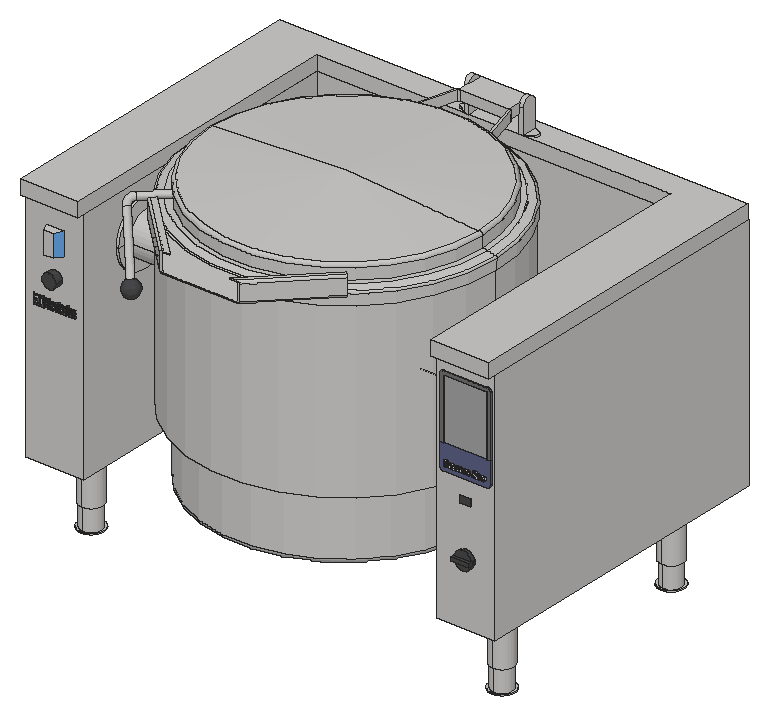
Revit family "QF_ELECTROLUXPROFESSIONAL_587160_PBOT15RCIO", category Attrezzature speciali, Revit 2020 (continued)
Definition of nested family "QF_ELECTROLUXPROFESSIONAL_PBOT900_LEFT"
  Automatic sketch dimensions
    Extrusion 5 sketch curve to Extrusion 5 sketch curve = 2.771 mm
    Extrusion 5 sketch curve to Extrusion 5 sketch curve = 1.497 mm
    Extrusion 5 sketch curve to Extrusion 5 sketch curve = 1.979 mm
    Extrusion 5 sketch curve to Extrusion 5 sketch curve = 1.653 mm
    Extrusion 5 sketch curve to Extrusion 5 sketch curve = 0.085 mm
    Extrusion 5 sketch curve to Extrusion 5 sketch curve = 0.315 mm
    Extrusion 5 sketch curve to Extrusion 5 sketch curve = 3.811 mm
    Extrusion 5 sketch curve to Extrusion 5 sketch curve = 2.136 mm  (x2)
    Extrusion 5 sketch curve to Extrusion 5 sketch curve = 2.352 mm  (x2)
    Extrusion 5 sketch curve to plane 10 "TOP" = 289.122 mm
    Extrusion 5 sketch curve to Extrusion 5 sketch curve = 3.797 mm
    Extrusion 5 sketch curve to plane 10 "TOP" = 296.104 mm
    Extrusion 5 sketch curve to Extrusion 5 sketch curve = 1.528 mm
    Extrusion 5 sketch curve to plane 10 "TOP" = 290.598 mm
    Extrusion 5 sketch curve to Extrusion 5 sketch curve = 1.476 mm
    Extrusion 5 sketch curve to plane 10 "TOP" = 294.635 mm
    Extrusion 5 sketch curve to Extrusion 5 sketch curve = 1.469 mm
    Extrusion 5 sketch curve to Extrusion 5 sketch curve = 3.728 mm
    Extrusion 5 sketch curve to Extrusion 5 sketch curve = 0.046 mm
    Extrusion 5 sketch curve to Extrusion 5 sketch curve = 0.177 mm
    Extrusion 5 sketch curve to Extrusion 5 sketch curve = 0.947 mm
    Extrusion 5 sketch curve to Extrusion 5 sketch curve = 0.308 mm
    Extrusion 5 sketch curve to Extrusion 5 sketch curve = 0.091 mm
    Extrusion 5 sketch curve to Extrusion 5 sketch curve = 2.375 mm
    Extrusion 5 sketch curve to Extrusion 5 sketch curve = 0.94 mm
    Extrusion 5 sketch curve to Extrusion 5 sketch curve = 0.54 mm
    Extrusion 5 sketch curve to Extrusion 5 sketch curve = 0.102 mm
    Extrusion 5 sketch curve to Extrusion 5 sketch curve = 0.002 mm  (x4)
    Extrusion 5 sketch curve to Extrusion 5 sketch curve = 0.105 mm
    Extrusion 5 sketch curve to Extrusion 5 sketch curve = 0.097 mm
    Extrusion 5 sketch curve to Extrusion 5 sketch curve = 3.982 mm
    Extrusion 5 sketch curve to Extrusion 5 sketch curve = 0.17 mm
    Extrusion 5 sketch curve to Extrusion 5 sketch curve = 6.49 mm
    Extrusion 5 sketch curve to Extrusion 5 sketch curve = 1.777 mm
    Extrusion 5 sketch curve to plane 10 "TOP" = 296.072 mm
    Extrusion 5 sketch curve to Extrusion 5 sketch curve = 0.63 mm
    Extrusion 5 sketch curve to Extrusion 5 sketch curve = 1.001 mm
    Extrusion 5 sketch curve to plane 10 "TOP" = 294.678 mm
    Extrusion 5 sketch curve to Extrusion 5 sketch curve = 1.393 mm
    Extrusion 5 sketch curve to Extrusion 5 sketch curve = 2.363 mm
    Extrusion 5 sketch curve to Extrusion 5 sketch curve = 2.253 mm
    Extrusion 5 sketch curve to Extrusion 5 sketch curve = 0.014 mm  (x4)
    Extrusion 5 sketch curve to Extrusion 5 sketch curve = 0.172 mm
    Extrusion 5 sketch curve to Extrusion 5 sketch curve = 0.096 mm
    Extrusion 5 sketch curve to Extrusion 5 sketch curve = 0.164 mm
    Extrusion 5 sketch curve to Extrusion 5 sketch curve = 0.298 mm
    Extrusion 5 sketch curve to Extrusion 5 sketch curve = 0.247 mm
    Extrusion 5 sketch curve to Extrusion 5 sketch curve = 0.084 mm
    Extrusion 5 sketch curve to Extrusion 5 sketch curve = 6.484 mm
    Extrusion 5 sketch curve to Extrusion 5 sketch curve = 2.596 mm
    Extrusion 5 sketch curve to Extrusion 5 sketch curve = 0.059 mm  (x2)
    Extrusion 5 sketch curve to Extrusion 5 sketch curve = 3.889 mm
    Extrusion 5 sketch curve to plane 10 "TOP" = 307.979 mm
    Extrusion 5 sketch curve to Extrusion 5 sketch curve = 6.029 mm
    Extrusion 5 sketch curve to plane 10 "TOP" = 305.988 mm
    Extrusion 5 sketch curve to Extrusion 5 sketch curve = 0.929 mm
    Extrusion 5 sketch curve to Extrusion 5 sketch curve = 1.102 mm
    Extrusion 5 sketch curve to Extrusion 5 sketch curve = 0.756 mm  (x2)
    Extrusion 5 sketch curve to plane 10 "TOP" = 306.353 mm
    Extrusion 5 sketch curve to Extrusion 5 sketch curve = 0.852 mm
    Extrusion 5 sketch curve to Extrusion 5 sketch curve = 0.108 mm
    Extrusion 5 sketch curve to Extrusion 5 sketch curve = 0.101 mm
    Extrusion 5 sketch curve to Extrusion 5 sketch curve = 0.072 mm
    Extrusion 5 sketch curve to Extrusion 5 sketch curve = 1.67 mm
    Extrusion 5 sketch curve to Extrusion 5 sketch curve = 1.834 mm
    Extrusion 5 sketch curve to Extrusion 5 sketch curve = 0.366 mm
    Extrusion 5 sketch curve to Extrusion 5 sketch curve = 0.993 mm
    Extrusion 5 sketch curve to Extrusion 5 sketch curve = 0.81 mm
    Extrusion 5 sketch curve to Extrusion 5 sketch curve = 1.026 mm  (x2)
    Extrusion 5 sketch curve to Extrusion 5 sketch curve = 4.272 mm
    Extrusion 5 sketch curve to Extrusion 5 sketch curve = 0.163 mm
    Extrusion 5 sketch curve to Extrusion 5 sketch curve = 0.551 mm
    Extrusion 5 sketch curve to Extrusion 5 sketch curve = 6.11 mm
    Extrusion 5 sketch curve to Extrusion 5 sketch curve = 1.451 mm
    Extrusion 5 sketch curve to Extrusion 5 sketch curve = 5.217 mm
    Extrusion 5 sketch curve to Extrusion 5 sketch curve = 0.045 mm  (x2)
    Extrusion 5 sketch curve to Extrusion 5 sketch curve = 0.241 mm
    Extrusion 5 sketch curve to Extrusion 5 sketch curve = 0.039 mm
    Extrusion 5 sketch curve to Extrusion 5 sketch curve = 1.134 mm
    Extrusion 5 sketch curve to Extrusion 5 sketch curve = 2.351 mm
    Extrusion 5 sketch curve to Extrusion 5 sketch curve = 3.993 mm
    Extrusion 5 sketch curve to Extrusion 5 sketch curve = 10.128 mm
    Extrusion 5 sketch curve to Extrusion 5 sketch curve = 0.956 mm
    Extrusion 5 sketch curve to Extrusion 5 sketch curve = 1.263 mm
    Extrusion 5 sketch curve to Extrusion 5 sketch curve = 2.577 mm
    Extrusion 5 sketch curve to Extrusion 5 sketch curve = 0.243 mm
    Extrusion 5 sketch curve to Extrusion 5 sketch curve = 0.031 mm
    Extrusion 5 sketch curve to Extrusion 5 sketch curve = 7.148 mm
    Extrusion 5 sketch curve to Extrusion 5 sketch curve = 1.502 mm
    Extrusion 5 sketch curve to Extrusion 5 sketch curve = 11.54 mm
    Extrusion 5 sketch curve to Extrusion 5 sketch curve = 11.758 mm
    Extrusion 5 sketch curve to Extrusion 5 sketch curve = 4.097 mm
    Extrusion 5 sketch curve to Extrusion 5 sketch curve = 0.011 mm
    Extrusion 5 sketch curve to Extrusion 5 sketch curve = 4.488 mm
    Extrusion 5 sketch curve to Extrusion 5 sketch curve = 11.908 mm
    Extrusion 5 sketch curve to Extrusion 5 sketch curve = 2.236 mm
    Extrusion 5 sketch curve to Extrusion 5 sketch curve = 0.22 mm
    Extrusion 5 sketch curve to Extrusion 5 sketch curve = 0.319 mm
    Extrusion 5 sketch curve to Extrusion 5 sketch curve = 1.192 mm
    Extrusion 5 sketch curve to Extrusion 5 sketch curve = 3.577 mm  (x2)
    Extrusion 5 sketch curve to Extrusion 5 sketch curve = 3.444 mm  (x2)
    Extrusion 5 sketch curve to Extrusion 5 sketch curve = 1.626 mm  (x2)
    Extrusion 5 sketch curve to Extrusion 5 sketch curve = 2.021 mm
    Extrusion 5 sketch curve to Extrusion 5 sketch curve = 2.967 mm
    Extrusion 5 sketch curve to Extrusion 5 sketch curve = 1.22 mm
    Extrusion 5 sketch curve to Extrusion 5 sketch curve = 3.412 mm
    Extrusion 5 sketch curve to Extrusion 5 sketch curve = 0.892 mm  (x3)
    Extrusion 5 sketch curve to Extrusion 5 sketch curve = 0.58 mm  (x2)
    Extrusion 5 sketch curve to Extrusion 5 sketch curve = 2.117 mm
    Extrusion 5 sketch curve to Extrusion 5 sketch curve = 0.295 mm  (x2)
    Extrusion 5 sketch curve to Extrusion 5 sketch curve = 0.618 mm
    Extrusion 5 sketch curve to Extrusion 5 sketch curve = 1.65 mm
    Extrusion 5 sketch curve to Extrusion 5 sketch curve = 1.662 mm
    Extrusion 5 sketch curve to Extrusion 5 sketch curve = 0.013 mm  (x2)
    Extrusion 5 sketch curve to Extrusion 5 sketch curve = 0.292 mm
    Extrusion 5 sketch curve to Extrusion 5 sketch curve = 0.107 mm  (x2)
    Extrusion 5 sketch curve to Extrusion 5 sketch curve = 0.068 mm  (x2)
    Extrusion 5 sketch curve to Extrusion 5 sketch curve = 2.361 mm
    Extrusion 5 sketch curve to Extrusion 5 sketch curve = 2.359 mm
    Extrusion 5 sketch curve to Extrusion 5 sketch curve = 0.531 mm  (x2)
    Extrusion 5 sketch curve to Extrusion 5 sketch curve = 0.928 mm  (x2)
    Extrusion 5 sketch curve to Extrusion 5 sketch curve = 1.058 mm
    Extrusion 5 sketch curve to Extrusion 5 sketch curve = 0.297 mm  (x2)
    Extrusion 5 sketch curve to Extrusion 5 sketch curve = 0.155 mm  (x2)
    Extrusion 5 sketch curve to Extrusion 5 sketch curve = 0.182 mm  (x2)
    Extrusion 5 sketch curve to Extrusion 5 sketch curve = 0.607 mm  (x2)
    Extrusion 5 sketch curve to Extrusion 5 sketch curve = 0.372 mm  (x2)
    Extrusion 5 sketch curve to Extrusion 5 sketch curve = 0.016 mm  (x2)
    Extrusion 5 sketch curve to Extrusion 5 sketch curve = 0.996 mm
    Extrusion 5 sketch curve to Extrusion 5 sketch curve = 0.93 mm
    Extrusion 5 sketch curve to Extrusion 5 sketch curve = 0.709 mm  (x2)
    Extrusion 5 sketch curve to Extrusion 5 sketch curve = 1.017 mm
    Extrusion 5 sketch curve to Extrusion 5 sketch curve = 4.718 mm
    Extrusion 5 sketch curve to Extrusion 5 sketch curve = 0.891 mm
    Extrusion 5 sketch curve to Extrusion 5 sketch curve = 3.826 mm
    Extrusion 5 sketch curve to Extrusion 5 sketch curve = 0.954 mm
    Extrusion 5 sketch curve to Extrusion 5 sketch curve = 5.576 mm
    Extrusion 5 sketch curve to Extrusion 5 sketch curve = 5.661 mm  (x2)
    Extrusion 5 sketch curve to Extrusion 5 sketch curve = 0.006 mm
    Extrusion 5 sketch curve to Extrusion 5 sketch curve = 2.203 mm
    Extrusion 5 sketch curve to Extrusion 5 sketch curve = 2.21 mm
    Extrusion 5 sketch curve to Extrusion 5 sketch curve = 1.607 mm
    Extrusion 5 sketch curve to Extrusion 5 sketch curve = 3.92 mm
    Extrusion 5 sketch curve to Extrusion 5 sketch curve = 0.05 mm
    Extrusion 5 sketch curve to Extrusion 5 sketch curve = 1.776 mm
    Extrusion 5 sketch curve to Extrusion 5 sketch curve = 4.017 mm
    Extrusion 5 sketch curve to Extrusion 5 sketch curve = 0.196 mm  (x2)
    Extrusion 5 sketch curve to Extrusion 5 sketch curve = 0.19 mm
    Extrusion 5 sketch curve to Extrusion 5 sketch curve = 1.312 mm
    Extrusion 5 sketch curve to Extrusion 5 sketch curve = 0.146 mm
    Extrusion 5 sketch curve to Extrusion 5 sketch curve = 2.831 mm
    Extrusion 5 sketch curve to Extrusion 5 sketch curve = 0.387 mm
    Extrusion 5 sketch curve to Extrusion 5 sketch curve = 0.174 mm
    Extrusion 5 sketch curve to Extrusion 5 sketch curve = 4.623 mm
    Extrusion 5 sketch curve to Extrusion 5 sketch curve = 1.754 mm
    Extrusion 5 sketch curve to Extrusion 5 sketch curve = 0.188 mm
    Extrusion 5 sketch curve to Extrusion 5 sketch curve = 0.02 mm
    Extrusion 5 sketch curve to Extrusion 5 sketch curve = 0.313 mm
    Extrusion 5 sketch curve to Extrusion 5 sketch curve = 0.12 mm
    Extrusion 5 sketch curve to Extrusion 5 sketch curve = 0.062 mm
    Extrusion 5 sketch curve to Extrusion 5 sketch curve = 0.568 mm
    Extrusion 5 sketch curve to Extrusion 5 sketch curve = 0.095 mm
    Extrusion 5 sketch curve to Extrusion 5 sketch curve = 0.357 mm
    Extrusion 5 sketch curve to Extrusion 5 sketch curve = 0.008 mm
    Extrusion 5 sketch curve to Extrusion 5 sketch curve = 0.36 mm
    Extrusion 5 sketch curve to Extrusion 5 sketch curve = 3.784 mm
    Extrusion 5 sketch curve to Extrusion 5 sketch curve = 1.654 mm
    Extrusion 5 sketch curve to Extrusion 5 sketch curve = 1.454 mm
    Extrusion 5 sketch curve to Extrusion 5 sketch curve = 3.429 mm
    Extrusion 5 sketch curve to Extrusion 5 sketch curve = 1.094 mm
    Extrusion 5 sketch curve to Extrusion 5 sketch curve = 2.218 mm
    Extrusion 5 sketch curve to Extrusion 5 sketch curve = 1.404 mm
    Extrusion 5 sketch curve to Extrusion 5 sketch curve = 5.959 mm
    Extrusion 5 sketch curve to Extrusion 5 sketch curve = 1.424 mm
    Extrusion 5 sketch curve to Extrusion 5 sketch curve = 3.23 mm
    Extrusion 5 sketch curve to Extrusion 5 sketch curve = 1.975 mm
    Extrusion 5 sketch curve to Extrusion 5 sketch curve = 3.779 mm
    Extrusion 5 sketch curve to Extrusion 5 sketch curve = 2.212 mm
    Extrusion 5 sketch curve to Extrusion 5 sketch curve = 3.78 mm
    Extrusion 5 sketch curve to Extrusion 5 sketch curve = 1.279 mm
    Extrusion 5 sketch curve to Extrusion 5 sketch curve = 1.343 mm  (x2)
    Extrusion 5 sketch curve to Extrusion 5 sketch curve = 1.353 mm  (x2)
    Extrusion 5 sketch curve to Extrusion 5 sketch curve = 0.027 mm  (x2)
    Extrusion 5 sketch curve to Extrusion 5 sketch curve = 0.395 mm  (x2)
    Extrusion 5 sketch curve to Extrusion 5 sketch curve = 0.329 mm  (x2)
    Extrusion 5 sketch curve to Extrusion 5 sketch curve = 0.425 mm  (x2)
    Extrusion 5 sketch curve to Extrusion 5 sketch curve = 0.051 mm  (x2)
    Extrusion 5 sketch curve to Extrusion 5 sketch curve = 0.495 mm  (x2)
    Extrusion 5 sketch curve to Extrusion 5 sketch curve = 0.267 mm  (x2)
    Extrusion 5 sketch curve to Extrusion 5 sketch curve = 1.4 mm
    Extrusion 5 sketch curve to Extrusion 5 sketch curve = 5.233 mm
    Extrusion 5 sketch curve to Extrusion 5 sketch curve = 2.062 mm
    Extrusion 6 sketch curve to plane 13 "HW_CW" = 0.0 mm  (x2)
    Extrusion 6 sketch curve to plane 15 = 0.0 mm
    Extrusion 6 sketch curve to plane 14 = 0.0 mm
    radius of Extrusion 2 sketch curve = 20.0 mm
    radius of Extrusion 3 sketch curve = 6.35 mm  (x2)
    radius of Extrusion 5 sketch curve = 2.453 mm
    radius of Extrusion 5 sketch curve = 1.557 mm
    radius of Extrusion 5 sketch curve = 1.468 mm
    radius of Extrusion 5 sketch curve = 2.451 mm
    radius of Extrusion 6 sketch curve = 5.0 mm  (x2)
Definition of nested family "QF_ELECTROLUXPROFESSIONAL_PBOT900_RIGHT"
  Parameters
    Width = 160.0 mm
    Right = Width / 2  # 80.0 mm
    Default Elevation = 0.0 mm
    Left = -Width / 2  # -80.0 mm
    Htop = 40.0 mm
    Height = 900.0 mm
    HBase = 200.0 mm
    EI_z = 250.0 mm
    EI_y = 239.0 mm
    Depth = 900.0 mm
    BorderFront = 20.0 mm
    Body Finish [instance] = none
  Reference planes
    plane 1 "Center (Front/Back)": y = 0
    plane 2: z = 0
    plane 3 "Center (Left/Right)": x = 0
    plane 4 "LEFT": x = -80
    plane 5 "RIGHT": x = 80
    plane 6 "BACK": y = 450
    plane 7 "FRONT": y = -450
    plane 8 "Base": z = 200
    plane 9 "TOP": z = 900
    plane 10 "BorderFront": y = -430
    plane 11: z = 860
    plane 12 "EI": z = 450
    plane 13: y = 211
  Forms (mm)
    Extrusion 1, solid
      sketch origin (0, 0, 0) x (1, 0, 0) y (0, 1, 0)
        loop
          line (-80, 450) -> (-80, -430) -> (80, -430) -> (80, 450) -> (-80, 450)
      from 860 to 200
    Extrusion 2, solid
      sketch origin (0, -430, 0) x (-1, 0, 0) y (0, 0, 1)
        loop
          line (59.714, 823.989) -> (-61.821, 823.989)
          arc (-61.821, 823.989) -> (-68.892, 821.06) -> (-71.821, 813.989) r 10
          line (-71.821, 813.989) -> (-71.821, 644.744) -> (-61.821, 644.744) -> (-61.821, 813.989) -> (59.714, 813.989) -> (59.714, 644.744) -> (69.714, 644.744) -> (69.714, 813.989)
          arc (69.714, 813.989) -> (66.786, 821.06) -> (59.714, 823.989) r 10
      from 0 to -3
    Extrusion 3, solid
      sketch origin (0, -430, 0) x (-1, 0, 0) y (0, 0, 1)
        loop
          circle (0, 375.28) r 25
      from 0 to -10
    Extrusion 4, solid
      sketch origin (0, -430, 0) x (-1, 0, 0) y (0, 0, 1)
        loop
          line (24.382, 380.806) -> (-24.382, 380.806)
          arc (-24.382, 380.806) -> (-25, 375.28) -> (-24.382, 369.753) r 25
          line (-24.382, 369.753) -> (24.382, 369.753)
          arc (24.382, 369.753) -> (25, 375.28) -> (24.382, 380.806) r 25
      from 0 to -20
    Extrusion 5, solid
      sketch origin (0, -430, 0) x (-1, 0, 0) y (0, 0, 1)
        loop
          line (69.714, 585) -> (69.714, 644.744) -> (-71.821, 644.744) -> (-71.821, 585)
          arc (-71.821, 585) -> (-68.892, 577.929) -> (-61.821, 575) r 10
          line (-61.821, 575) -> (59.714, 575)
          arc (59.714, 575) -> (66.786, 577.929) -> (69.714, 585) r 10
      from -3 to 0
    Extrusion 6, solid
      sketch origin (234.714, -430, 0) x (-1, 0, 0) y (0, 0, 1)
        loop
          line (294.429, 813.989) -> (172.894, 813.989) -> (172.894, 644.744) -> (294.429, 644.744) -> (294.429, 813.989)
      from 0 to -3
    Extrusion 7, solid
      sketch origin (0, -430, 0) x (-1, 0, 0) y (0, 0, 1)
        loop
          line (15, 530) -> (-15, 530) -> (-15, 510) -> (15, 510) -> (15, 530)
      from -1.6 to 0
    Extrusion 8, solid
      sketch origin (0, 450, 0) x (-1, 0, 0) y (0, 0, 1)
        loop
          circle (0, 450) r 5
      from 0 to 2
    Extrusion 9, solid
      sketch origin (0, 0, 200) x (0, 1, 0) y (-1, 0, 0)
        loop
          circle (211, 0) r 10
      from 0 to -3
  Lines and regions (mm)
    symbolic lines
      curve 1: line (-80, 450, 0) -> (80, 450, 0)
      curve 2: line (80, 450, 0) -> (80, -430, 0)
  Dimensions and locks
    "Width": plane 4 "LEFT" to plane 5 "RIGHT"
    equal spacing: plane 4 "LEFT", plane 3 "Center (Left/Right)", plane 5 "RIGHT"
    equal spacing: plane 6 "BACK", plane 1 "Center (Front/Back)", plane 7 "FRONT"
    "Depth": plane 6 "BACK" to plane 7 "FRONT"
    "BorderFront": plane 10 "BorderFront" to plane 7 "FRONT"
    "Htop": plane 9 "TOP" to plane 11
    "Height": plane 9 "TOP" to level
    "HBase": plane 8 "Base" to level
    Extrusion 4 sketch curve to Extrusion 4 sketch curve = 11.053 mm
    "EI_y": plane 6 "BACK" to plane 13
    "EI_z": plane 12 "EI" to plane 8 "Base"
    aligned and locked: level to plane 2
    aligned and locked: plane 10 "BorderFront" to Extrusion 1 sketch curve
    aligned and locked: plane 11 to Extrusion 1
    aligned and locked: Extrusion 1 to plane 8 "Base"
    aligned and locked: plane 4 "LEFT" to Extrusion 1 sketch curve
    aligned and locked: Extrusion 1 sketch curve to plane 5 "RIGHT"
    aligned and locked: Extrusion 1 sketch curve to plane 6 "BACK"
  Automatic sketch dimensions
    Extrusion 3 sketch curve to plane 3 "Center (Left/Right)" = 0.0 mm
    plane 8 "Base" to Extrusion 3 sketch curve = 175.28 mm
    Extrusion 4 sketch curve to Extrusion 4 sketch curve = 0.0 mm  (x3)
    Extrusion 4 sketch curve to plane 3 "Center (Left/Right)" = 0.0 mm
    plane 3 "Center (Left/Right)" to Extrusion 4 sketch curve = 24.382 mm
    Extrusion 4 sketch curve to plane 3 "Center (Left/Right)" = 24.382 mm
    plane 8 "Base" to Extrusion 4 sketch curve = 169.753 mm
    Extrusion 2 sketch curve to plane 5 "RIGHT" = 8.179 mm
    Extrusion 2 sketch curve to Extrusion 2 sketch curve = 10.0 mm  (x2)
    Extrusion 2 sketch curve to Extrusion 2 sketch curve = 0.0 mm  (x4)
    plane 4 "LEFT" to Extrusion 2 sketch curve = 20.286 mm
    Extrusion 2 sketch curve to plane 11 = 215.256 mm
    Extrusion 2 sketch curve to plane 11 = 46.011 mm
    Extrusion 5 sketch curve to plane 5 "RIGHT" = 8.179 mm
    plane 4 "LEFT" to Extrusion 5 sketch curve = 20.286 mm
    plane 4 "LEFT" to Extrusion 5 sketch curve = 10.286 mm
    Extrusion 5 sketch curve to plane 11 = 285.0 mm
    Extrusion 5 sketch curve to Extrusion 5 sketch curve = 59.744 mm
    Extrusion 5 sketch curve to Extrusion 5 sketch curve = 10.0 mm
    plane 4 "LEFT" to Extrusion 6 sketch curve = 20.286 mm
    Extrusion 6 sketch curve to plane 11 = 46.011 mm
    Extrusion 6 sketch curve to plane 5 "RIGHT" = 18.179 mm
    Extrusion 6 sketch curve to Extrusion 6 sketch curve = 169.244 mm
    Extrusion 8 sketch curve to plane 3 "Center (Left/Right)" = 0.0 mm
    Extrusion 8 sketch curve to plane 12 "EI" = 0.0 mm
    curve 1 to plane 4 "LEFT" = 0.0 mm
    curve 1 to plane 5 "RIGHT" = 0.0 mm
    curve 2 to plane 10 "BorderFront" = 0.0 mm
    curve 1 to plane 6 "BACK" = 0.0 mm
    plane 3 "Center (Left/Right)" to Extrusion 7 sketch curve = 15.0 mm
    Extrusion 7 sketch curve to plane 3 "Center (Left/Right)" = 15.0 mm
    plane 12 "EI" to Extrusion 7 sketch curve = 60.0 mm
    Extrusion 7 sketch curve to Extrusion 7 sketch curve = 20.0 mm
    Extrusion 9 sketch curve to plane 3 "Center (Left/Right)" = 0.0 mm
    Extrusion 9 sketch curve to plane 13 = 0.0 mm
    radius of Extrusion 3 sketch curve = 25.0 mm
    radius of Extrusion 8 sketch curve = 5.0 mm
    radius of Extrusion 9 sketch curve = 10.0 mm
  Nested families
    nested 1: "ELX_ThermaLine" at (-0.906, -433, 593.675) x (1, 0, 0) z (0, -1, 0), type "ELX_ThermaLine"
      with Show Logo yes, Material_Logo none
  Definition of nested family "ELX_ThermaLine"
    Parameters
      Show Logo [instance] = yes
      Material_Logo [instance] = none
      Default Elevation = 0.0 mm
    Reference planes
      plane 1 "Centro (Fronte/Retro)": y = 0
      plane 2: z = 0
      plane 3 "Centro (Sinistra/Destra)": x = 0
    Forms (mm)
      Extrusion 1, solid
        sketch origin (0, 0, 0) x (1, 0, 0) y (0, 1, 0)
          loop
            line (-1219.2, 1219.2) -> (-1219.2, -1219.2) -> (1219.2, -1219.2) -> (1219.2, 1219.2) -> (-1219.2, 1219.2)
        from 0 to -304.8
      Extrusion 2, solid
        sketch origin (0, 0, 0) x (1, 0, 0) y (0, 1, 0)
          loop
            line (-52.84, 4.345) -> (-50.793, 4.345) -> (-50.793, 6.716) -> (-52.84, 6.716) -> (-52.84, 10.788) -> (-55.901, 9.058) -> (-55.901, 6.716) -> (-57.324, 6.716) -> (-57.324, 4.345) -> (-55.901, 4.345) -> (-55.901, -1.637)
            arc (-55.901, -1.637) -> (-54.76, -4.355) -> (-51.88, -4.985) r 3.198
            line (-51.88, -4.985) -> (-50.444, -4.597) -> (-50.782, -2.189) -> (-51.765, -2.453)
            arc (-51.765, -2.453) -> (-52.506, -2.305) -> (-52.84, -1.628) r 0.854
            line (-52.84, -1.628) -> (-52.84, 4.345)
          loop
            line (-48.642, 11.198) -> (-48.642, -4.787) -> (-45.561, -4.787) -> (-45.561, 2.659)
            arc (-45.561, 2.659) -> (-44.379, 4.372) -> (-42.304, 4.523) r 2.408
            arc (-42.304, 4.523) -> (-41.484, 3.75) -> (-41.182, 2.665) r 2.099
            line (-41.182, 2.665) -> (-41.182, -4.787) -> (-38.117, -4.787) -> (-38.088, 2.166)
            arc (-38.088, 2.166) -> (-38.343, 3.963) -> (-39.021, 5.646) r 7.517
            arc (-39.021, 5.646) -> (-42.369, 6.971) -> (-45.561, 5.303) r 4.327
            line (-45.561, 5.303) -> (-45.561, 11.198) -> (-48.642, 11.198)
          loop
            arc (-28.196, 1.988) -> (-28.834, 3.893) -> (-30.683, 4.679) r 2.449
            arc (-30.683, 4.679) -> (-32.149, 3.674) -> (-32.711, 1.988) r 2.793
            line (-32.711, 1.988) -> (-28.196, 1.988)
          loop
            arc (-25.128, 0.121) -> (-26.074, 4.342) -> (-29.545, 6.923) r 6.212
            arc (-29.545, 6.923) -> (-33.021, 6.358) -> (-35.352, 3.718) r 5.232
            arc (-35.352, 3.718) -> (-35.918, 1.148) -> (-35.633, -1.468) r 8.117
            arc (-35.633, -1.468) -> (-34.524, -3.319) -> (-32.789, -4.603) r 5.523
            arc (-32.789, -4.603) -> (-28.402, -4.744) -> (-25.297, -1.641) r 5.523
            line (-25.297, -1.641) -> (-28.327, -1.106)
            arc (-28.327, -1.106) -> (-29.324, -2.396) -> (-30.951, -2.501) r 1.982
            arc (-30.951, -2.501) -> (-32.276, -1.475) -> (-32.789, 0.121) r 2.835
            line (-32.789, 0.121) -> (-25.128, 0.121)
          loop
            line (-22.733, -4.787) -> (-19.705, -4.787) -> (-19.705, 0)
            arc (-19.705, 0) -> (-19.663, 1.267) -> (-19.469, 2.521) r 10.557
            arc (-19.469, 2.521) -> (-18.189, 4.014) -> (-16.237, 3.761) r 2.069
            line (-16.237, 3.761) -> (-15.318, 6.433)
            arc (-15.318, 6.433) -> (-17.915, 6.783) -> (-19.931, 5.11) r 3.262
            line (-19.931, 5.11) -> (-19.931, 6.752) -> (-22.733, 6.752) -> (-22.733, -4.787)
          loop
            line (-14.233, 6.752) -> (-14.233, -4.787) -> (-11.135, -4.787) -> (-11.135, 1.783)
            arc (-11.135, 1.783) -> (-10.552, 3.635) -> (-8.862, 4.59) r 2.646
            arc (-8.862, 4.59) -> (-7.677, 3.931) -> (-7.234, 2.65) r 1.899
            line (-7.234, 2.65) -> (-7.234, -4.787) -> (-4.155, -4.787) -> (-4.155, 1.467)
            arc (-4.155, 1.467) -> (-3.845, 2.923) -> (-2.97, 4.128) r 3.581
            arc (-2.97, 4.128) -> (-1.581, 4.474) -> (-0.516, 3.516) r 1.525
            arc (-0.516, 3.516) -> (-0.324, 2.735) -> (-0.304, 1.931) r 3.735
            line (-0.304, 1.931) -> (-0.304, -4.787) -> (2.776, -4.787) -> (2.776, 3.096)
            arc (2.776, 3.096) -> (1.833, 5.68) -> (-0.612, 6.942) r 3.784
            arc (-0.612, 6.942) -> (-2.795, 6.596) -> (-4.513, 5.205) r 4.271
            arc (-4.513, 5.205) -> (-5.893, 6.457) -> (-7.686, 6.964) r 4.079
            arc (-7.686, 6.964) -> (-9.75, 6.555) -> (-11.39, 5.237) r 4.412
            line (-11.39, 5.237) -> (-11.39, 6.752) -> (-14.233, 6.752)
          loop
            line (5.334, 3.712) -> (8.069, 3.23)
            arc (8.069, 3.23) -> (10.312, 4.685) -> (12.137, 2.73) r 2.082
            line (12.137, 2.73) -> (8.171, 1.741)
            arc (8.171, 1.741) -> (6.593, 1.022) -> (5.378, -0.215) r 4.758
            arc (5.378, -0.215) -> (5.225, -1.991) -> (5.744, -3.697) r 4.711
            arc (5.744, -3.697) -> (7.301, -4.682) -> (9.118, -4.992) r 4.691
            arc (9.118, -4.992) -> (10.903, -4.593) -> (12.411, -3.558) r 4.818
            line (12.411, -3.558) -> (12.81, -4.787) -> (15.873, -4.787) -> (15.179, -2.652) -> (15.179, 3.25)
            arc (15.179, 3.25) -> (14.773, 5.146) -> (13.38, 6.496) r 3.336
            arc (13.38, 6.496) -> (10.765, 7.201) -> (8.091, 6.773) r 6.459
            arc (8.091, 6.773) -> (6.348, 5.57) -> (5.334, 3.712) r 4.569
          loop
            line (21.001, -4.787) -> (24.24, -4.787) -> (27.623, 11.127) -> (24.384, 11.127) -> (21.001, -4.787)
          loop
            line (27.273, -4.787) -> (30.332, -4.787) -> (32.777, 6.716) -> (29.718, 6.716) -> (27.273, -4.787)
          loop
            line (30.656, 11.127) -> (30.058, 8.314) -> (33.117, 8.314) -> (33.715, 11.127) -> (30.656, 11.127)
          loop
            line (33.431, -4.787) -> (36.649, -4.787) -> (38.261, 2.796)
            arc (38.261, 2.796) -> (39.644, 4.445) -> (41.791, 4.594) r 2.751
            arc (41.791, 4.594) -> (42.425, 3.729) -> (42.502, 2.659) r 1.936
            line (42.502, 2.659) -> (40.919, -4.787) -> (43.989, -4.787) -> (45.795, 3.712)
            arc (45.795, 3.712) -> (45.588, 5.458) -> (44.361, 6.716) r 2.734
            arc (44.361, 6.716) -> (41.222, 6.857) -> (38.516, 5.259) r 5.512
            line (38.516, 5.259) -> (38.826, 6.716) -> (35.876, 6.716) -> (33.431, -4.787)
          loop
            line (50.773, 1.934) -> (55.672, 1.934)
            arc (55.672, 1.934) -> (55.737, 2.919) -> (55.334, 3.821) r 2.051
            arc (55.334, 3.821) -> (53.773, 4.722) -> (52.024, 4.287) r 2.407
            arc (52.024, 4.287) -> (51.223, 3.203) -> (50.773, 1.934) r 4.566
          loop
            line (50.479, 0) -> (58.259, 0)
            arc (58.259, 0) -> (58.241, 3.53) -> (56.181, 6.396) r 5.8
            arc (56.181, 6.396) -> (52.577, 6.992) -> (49.395, 5.199) r 5.498
            arc (49.395, 5.199) -> (47.819, 2.372) -> (47.536, -0.853) r 7.747
            arc (47.536, -0.853) -> (48.406, -3.006) -> (50.236, -4.437) r 4.494
            arc (50.236, -4.437) -> (52.672, -4.934) -> (55.109, -4.437) r 6.224
            arc (55.109, -4.437) -> (56.76, -3.346) -> (57.916, -1.739) r 5.478
            line (57.916, -1.739) -> (55.129, -1.247)
            arc (55.129, -1.247) -> (53.897, -2.495) -> (52.149, -2.637) r 2.52
            arc (52.149, -2.637) -> (50.809, -1.638) -> (50.479, 0) r 2.336
          loop
            line (12.154, 0.755) -> (8.732, -0.098)
            arc (8.732, -0.098) -> (8.126, -1.288) -> (8.732, -2.478) r 1.471
            arc (8.732, -2.478) -> (10.437, -2.725) -> (11.827, -1.706) r 2.276
            arc (11.827, -1.706) -> (12.142, -0.496) -> (12.154, 0.755) r 5.123
        from 0 to 1.6
    Dimensions and locks
      aligned and locked: plane 2 to Extrusion 1
      aligned and locked: level to Extrusion 1
Definition of nested family "QF_ELECTROLUXPROFESSIONAL_2FEET_THL_120xH200"
  Parameters
    Width = 120.0 mm
    Right = Width / 2  # 60.0 mm
    Default Elevation = 0.0 mm
    Left = -Width / 2  # -60.0 mm
    Height = 200.0 mm
    HBase = Height - 15.0 mm  # 185.0 mm
    Depth = 880.0 mm
  Reference planes
    plane 1 "Center (Front/Back)": y = 0
    plane 2: z = 0
    plane 3 "Center (Left/Right)": x = 0
    plane 4 "LEFT": x = -60
    plane 5 "RIGHT": x = 60
    plane 6 "BACK": y = 440
    plane 7 "FRONT": y = -440
    plane 8 "Base": z = 185
    plane 9 "TOP": z = 200
    plane 10: y = 283
    plane 11: y = -304
    plane 12: y = 368
    plane 13: y = -388
    plane 14: x = -80
  Forms (mm)
    Extrusion 1, solid
      sketch origin (0, 0, 200) x (0, 1, 0) y (-1, 0, 0)
        loop
          line (368, 60) -> (-388, 60) -> (-388, -60) -> (368, -60) -> (368, 60)
      from 0 to -15
    Revolve 2, solid
      sketch origin (0, 0, 0) x (0, 1, 0) y (0, 0, 1)
        loop
          line (283, 0) -> (318, 0) -> (318, 2) -> (311.179, 2) -> (311.179, 63) -> (314.75, 63) -> (314.75, 185) -> (283, 185) -> (283, 0)
        axis (283, 185) -> (283, 0)
      angle from 0 to 360
    Revolve 3, solid
      sketch origin (0, 0, 0) x (0, 1, 0) y (0, 0, 1)
        loop
          line (-304, 185) -> (-304, 0) -> (-269, 0) -> (-269, 2) -> (-275.821, 2) -> (-275.821, 63) -> (-272.25, 63) -> (-272.25, 185) -> (-304, 185)
        axis (-304, 185) -> (-304, 0)
      angle from 0 to 360
  Dimensions and locks
    "Width": plane 4 "LEFT" to plane 5 "RIGHT"
    equal spacing: plane 4 "LEFT", plane 3 "Center (Left/Right)", plane 5 "RIGHT"
    equal spacing: plane 6 "BACK", plane 1 "Center (Front/Back)", plane 7 "FRONT"
    "Depth": plane 6 "BACK" to plane 7 "FRONT"
    "HBase": plane 8 "Base" to level
    "Height": plane 9 "TOP" to level
    locked: plane 6 "BACK" to plane 10 at 157
    locked: plane 10 to plane 11 at 587
    plane 6 "BACK" to plane 12 = 72.0 mm
    plane 13 to plane 7 "FRONT" = 52.0 mm
    plane 12 to plane 13 = 756.0 mm
    plane 14 to plane 3 "Center (Left/Right)" = 80.0 mm
    aligned and locked: level to plane 2
    aligned and locked: Extrusion 1 sketch curve to plane 5 "RIGHT"
    aligned and locked: plane 4 "LEFT" to Extrusion 1 sketch curve
    aligned and locked: Extrusion 1 to plane 8 "Base"
    aligned and locked: Extrusion 1 sketch curve to plane 12
    aligned and locked: plane 13 to Extrusion 1 sketch curve
  Automatic sketch dimensions
    Revolve 2 sketch curve to level = 0.0 mm
    Revolve 2 sketch curve to plane 10 = 0.0 mm  (x2)
    Revolve 2 sketch curve to plane 8 "Base" = 0.0 mm
    plane 10 to Revolve 2 sketch curve = 28.179 mm
    Revolve 2 sketch curve to Revolve 2 sketch curve = 31.75 mm
    Revolve 2 sketch curve to Revolve 2 sketch curve = 6.821 mm
    level to Revolve 2 sketch curve = 2.0 mm
    Revolve 2 sketch curve to Revolve 2 sketch curve = 61.0 mm
    Revolve 2 sketch curve to level = 50.0 mm
    plane 9 "TOP" to Revolve 2 sketch curve = 70.0 mm
    Revolve 3 sketch curve to plane 11 = 0.0 mm
    Revolve 3 sketch curve to level = 0.0 mm
    Revolve 3 sketch curve to plane 10 = 587.0 mm
    Revolve 3 sketch curve to plane 8 "Base" = 0.0 mm
    Revolve 3 sketch curve to plane 10 = 558.821 mm
    Revolve 3 sketch curve to Revolve 3 sketch curve = 3.571 mm
    Revolve 3 sketch curve to Revolve 3 sketch curve = 6.821 mm
    level to Revolve 3 sketch curve = 2.0 mm
    Revolve 3 sketch curve to Revolve 3 sketch curve = 61.0 mm
    Revolve 3 sketch curve to level = 180.0 mm
    plane 9 "TOP" to Revolve 3 sketch curve = 205.0 mm
Definition of nested family "QF_ELECTROLUXPROFESSIONAL_PBOT900_LEVEL1"
  Parameters
    Default Elevation = 0.0 mm
    Assembly Code = ""
  Reference planes
    plane 1 "Center (Front/Back)": y = 0
    plane 2: z = 0
    plane 3 "Center (Left/Right)": x = 0
  Forms (mm)
    Sweep 1, solid
      path origin (0, 0, 0) x (1, 0, 0) y (0, 0.5, 0.866025)
        loop
          line (0, 0) -> (-80, 0)
          arc (-80, 0) -> (-94.142, -5.858) -> (-100, -20) r 20
          line (-100, -20) -> (-100, -200)
      profile origin (-40, 0, 0) x (0, -0.5, -0.866025) y (0, -0.866025, 0.5)
        loop
          circle (0, 0) r 9
    Revolve 2, solid
      sketch origin (-20, 0, 0) x (1, 0, 0) y (0, 0.5, 0.866025)
        loop
          arc (-57.5, -200) -> (-80, -177.5) -> (-102.5, -200) r 22.5
          line (-102.5, -200) -> (-57.5, -200)
        axis (-102.5, -200) -> (-57.5, -200)
      angle from 0 to 360
  Lines and regions (mm)
    symbolic lines
      curve 1: line (0, -9, 0) -> (-80, -9, 0)
      curve 2: line (0, 9, 0) -> (-80, 9, 0)
      curve 3: line (-91, -80, 0) -> (-91, -15, 0)
      curve 4: line (-109, -80, 0) -> (-109, -10, 0)
      curve 5: arc (-109, -10, 0) -> (-97.335, 3.827, 0) -> (-80, 9, 0) r 31.632
      curve 6: arc (-91, -15, 0) -> (-86.265, -10.598, 0) -> (-80, -9, 0) r 13.083
      curve 7: spline (-77.953, -100, 0) -> (-78.704, -94.175, 0) -> (-80.907, -88.747, 0) -> (-84.41, -84.087, 0) -> (-88.977, -80.51, 0) -> (-94.294, -78.262, 0) -> (-100, -77.495, 0) -> (-105.706, -78.262, 0) -> (-111.023, -80.51, 0) -> (-115.59, -84.087, 0) -> (-119.093, -88.747, 0) -> (-121.296, -94.175, 0) -> (-122.047, -100, 0) -> (-121.296, -105.825, 0) -> (-119.093, -111.253, 0) -> (-115.59, -115.913, 0) -> (-111.023, -119.49, 0) -> (-105.706, -121.738, 0) -> (-100, -122.505, 0) -> (-94.294, -121.738, 0) -> (-88.977, -119.49, 0) -> (-84.41, -115.913, 0) -> (-80.907, -111.253, 0) -> (-78.704, -105.825, 0) -> (-77.953, -100, 0)
  Dimensions and locks
    aligned and locked: level to plane 2
